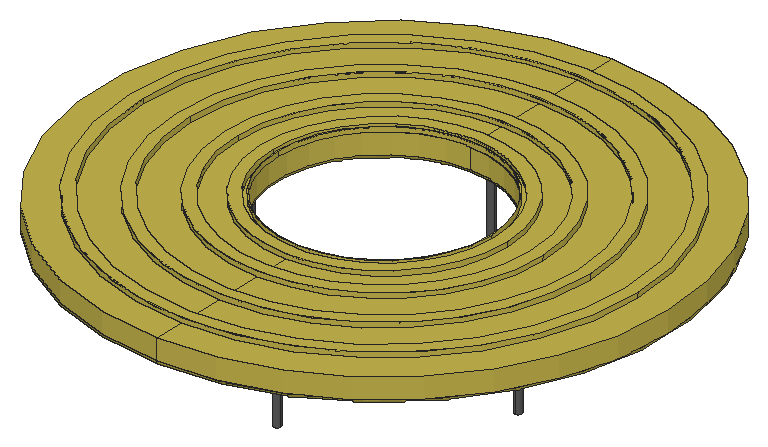
Revit family "Haworth_BuzziDonut", category Furniture, host Face, Revit 2018 (continued)
Definition of nested family "Haworth_BuzziDonut_Screen_Medium_PART"
  Automatic sketch dimensions
    Extrusion 7 sketch curve to Extrusion 7 sketch curve = 0.99005"
    plane 10 "Cable Back" to Extrusion 7 sketch curve = 0.27749"
    Extrusion 7 sketch curve to Extrusion 7 sketch curve = 0.60019"
    Extrusion 7 sketch curve to Extrusion 7 sketch curve = 0.89161"
    plane 8 "Inside Back" to Extrusion 7 sketch curve = 0.18659"
    Extrusion 7 sketch curve to Extrusion 7 sketch curve = 0.93819"
    Extrusion 7 sketch curve to plane 9 "Inside Front" = 3.61182"
    Extrusion 7 sketch curve to plane 8 "Inside Back" = 2.39048"
    Extrusion 7 sketch curve to Extrusion 7 sketch curve = 0.35032"
    Extrusion 7 sketch curve to plane 5 "Back" = 2.38708"
    plane 10 "Cable Back" to Extrusion 7 sketch curve = 1.08616"
    Extrusion 7 sketch curve to Extrusion 7 sketch curve = 0.59643"
    Extrusion 7 sketch curve to Extrusion 7 sketch curve = 2.36905"
    Extrusion 7 sketch curve to Extrusion 7 sketch curve = 0.2811"
    Extrusion 7 sketch curve to plane 4 "Front" = 2.21326"
    Extrusion 7 sketch curve to Extrusion 7 sketch curve = 1.22334"
    plane 10 "Cable Back" to Extrusion 7 sketch curve = 0.18827"
    Extrusion 7 sketch curve to Extrusion 7 sketch curve = 0.40322"
    Extrusion 7 sketch curve to plane 8 "Inside Back" = 1.69158"
    Extrusion 7 sketch curve to Extrusion 7 sketch curve = 0.74996"
    Extrusion 7 sketch curve to Extrusion 7 sketch curve = 0.43991"
    Extrusion 7 sketch curve to plane 5 "Back" = 2.03631"
    Extrusion 7 sketch curve to Extrusion 7 sketch curve = 0.9223"
    plane 9 "Inside Front" to Extrusion 7 sketch curve = 2.41528"
    Extrusion 7 sketch curve to Extrusion 7 sketch curve = 0.95751"
    Extrusion 7 sketch curve to plane 4 "Front" = 2.67252"
    Extrusion 7 sketch curve to Extrusion 7 sketch curve = 0.54966"
    Extrusion 7 sketch curve to Extrusion 7 sketch curve = 0.43971"
    plane 10 "Cable Back" to Extrusion 7 sketch curve = 1.93362"
    Extrusion 7 sketch curve to Extrusion 7 sketch curve = 1.91858"
    plane 10 "Cable Back" to Extrusion 7 sketch curve = 1.1726"
    Extrusion 7 sketch curve to Extrusion 7 sketch curve = 0.71307"
    Extrusion 7 sketch curve to Extrusion 7 sketch curve = 0.28604"
    plane 9 "Inside Front" to Extrusion 7 sketch curve = 1.01748"
    Extrusion 7 sketch curve to Extrusion 7 sketch curve = 2.34744"
    Extrusion 7 sketch curve to plane 8 "Inside Back" = 0.56298"
    Extrusion 7 sketch curve to Extrusion 7 sketch curve = 2.70638"
    Extrusion 7 sketch curve to plane 4 "Front" = 1.52311"
    Extrusion 7 sketch curve to Extrusion 7 sketch curve = 2.53339"
    Extrusion 7 sketch curve to plane 4 "Front" = 1.23965"
    Extrusion 7 sketch curve to plane 9 "Inside Front" = 0.53368"
    Extrusion 7 sketch curve to Extrusion 7 sketch curve = 0.68121"
    Extrusion 7 sketch curve to Extrusion 7 sketch curve = 0.19689"
    plane 9 "Inside Front" to Extrusion 7 sketch curve = 0.50848"
    Extrusion 7 sketch curve to Extrusion 7 sketch curve = 0.85481"
    Extrusion 7 sketch curve to plane 8 "Inside Back" = 0.30596"
    Extrusion 7 sketch curve to Extrusion 7 sketch curve = 1.35456"
    Extrusion 7 sketch curve to Extrusion 7 sketch curve = 0.94454"
    Extrusion 7 sketch curve to Extrusion 7 sketch curve = 0.16216"
    Extrusion 7 sketch curve to plane 9 "Inside Front" = 0.16884"
    Extrusion 7 sketch curve to plane 5 "Back" = 1.03752"
    plane 10 "Cable Back" to Extrusion 7 sketch curve = 0.56131"
    Extrusion 7 sketch curve to plane 3 "Center (Left/Right)" = 1.40553"
    Extrusion 7 sketch curve to Extrusion 7 sketch curve = 0.38731"
    Extrusion 7 sketch curve to plane 3 "Center (Left/Right)" = 0.98041"
    Extrusion 7 sketch curve to plane 3 "Center (Left/Right)" = 0.5075"
    Extrusion 7 sketch curve to plane 3 "Center (Left/Right)" = 0.3492"
    Extrusion 7 sketch curve to plane 3 "Center (Left/Right)" = 0.29747"
    Extrusion 7 sketch curve to plane 3 "Center (Left/Right)" = 0.15247"
    Extrusion 7 sketch curve to plane 3 "Center (Left/Right)" = 0.10366"
    Extrusion 7 sketch curve to plane 3 "Center (Left/Right)" = 0.04603"
    plane 3 "Center (Left/Right)" to Extrusion 7 sketch curve = 0.22006"
    plane 3 "Center (Left/Right)" to Extrusion 7 sketch curve = 0.45398"
    Extrusion 7 sketch curve to plane 9 "Inside Front" = 0.10747"
    plane 3 "Center (Left/Right)" to Extrusion 7 sketch curve = 1.36439"
    plane 3 "Center (Left/Right)" to Extrusion 7 sketch curve = 2.22362"
    Extrusion 7 sketch curve to plane 5 "Back" = 1.13437"
    Extrusion 7 sketch curve to Extrusion 7 sketch curve = 2.1454"
    Extrusion 7 sketch curve to Extrusion 7 sketch curve = 0.27982"
    Extrusion 7 sketch curve to Extrusion 7 sketch curve = 0.54219"
    Extrusion 7 sketch curve to plane 9 "Inside Front" = 0.52206"
    Extrusion 7 sketch curve to plane 4 "Front" = 1.24613"
    plane 3 "Center (Left/Right)" to Extrusion 7 sketch curve = 3.11869"
    Extrusion 7 sketch curve to Extrusion 7 sketch curve = 0.95714"
    Extrusion 7 sketch curve to plane 5 "Back" = 1.36237"
    Extrusion 7 sketch curve to Extrusion 7 sketch curve = 0.83431"
    Extrusion 7 sketch curve to plane 10 "Cable Back" = 0.17369"
    plane 3 "Center (Left/Right)" to Extrusion 7 sketch curve = 3.92983"
    plane 10 "Cable Back" to Extrusion 7 sketch curve = 0.81097"
    Extrusion 7 sketch curve to Extrusion 7 sketch curve = 0.05922"
    Extrusion 7 sketch curve to plane 4 "Front" = 1.43575"
    Extrusion 7 sketch curve to Extrusion 7 sketch curve = 0.96582"
    Extrusion 7 sketch curve to plane 8 "Inside Back" = 1.42664"
    Extrusion 7 sketch curve to Extrusion 7 sketch curve = 0.88838"
    plane 10 "Cable Back" to Extrusion 7 sketch curve = 0.28343"
    Extrusion 7 sketch curve to Extrusion 7 sketch curve = 0.86714"
    plane 9 "Inside Front" to Extrusion 7 sketch curve = 2.42456"
    Extrusion 7 sketch curve to Extrusion 7 sketch curve = 2.41791"
    Extrusion 7 sketch curve to Extrusion 7 sketch curve = 0.30593"
    plane 9 "Inside Front" to Extrusion 7 sketch curve = 1.4583"
    Extrusion 7 sketch curve to Extrusion 7 sketch curve = 0.39853"
    plane 8 "Inside Back" to Extrusion 7 sketch curve = 0.32809"
    Extrusion 7 sketch curve to Extrusion 7 sketch curve = 0.79613"
    Extrusion 7 sketch curve to plane 8 "Inside Back" = 2.02056"
    plane 9 "Inside Front" to Extrusion 7 sketch curve = 2.6602"
    Extrusion 7 sketch curve to Extrusion 7 sketch curve = 0.66156"
    plane 9 "Inside Front" to Extrusion 7 sketch curve = 0.66814"
    Extrusion 7 sketch curve to Extrusion 7 sketch curve = 0.67805"
    plane 9 "Inside Front" to Extrusion 7 sketch curve = 1.60018"
    Extrusion 7 sketch curve to Extrusion 7 sketch curve = 0.32811"
    Extrusion 7 sketch curve to plane 8 "Inside Back" = 0.20373"
    Extrusion 7 sketch curve to Extrusion 7 sketch curve = 0.83953"
    plane 8 "Inside Back" to Extrusion 7 sketch curve = 0.84614"
    Extrusion 7 sketch curve to Extrusion 7 sketch curve = 0.86765"
    Extrusion 7 sketch curve to plane 9 "Inside Front" = 3.44449"
    Extrusion 7 sketch curve to Extrusion 7 sketch curve = 1.01215"
    Extrusion 7 sketch curve to Extrusion 7 sketch curve = 2.20238"
    Extrusion 7 sketch curve to plane 9 "Inside Front" = 4.25572"
    plane 10 "Cable Back" to Extrusion 7 sketch curve = 3.19338"
    Extrusion 7 sketch curve to Extrusion 7 sketch curve = 0.75407"
    Extrusion 7 sketch curve to Extrusion 7 sketch curve = 0.81404"
    plane 9 "Inside Front" to Extrusion 7 sketch curve = 0.06962"
    Extrusion 7 sketch curve to Extrusion 7 sketch curve = 2.34242"
    plane 10 "Cable Back" to Extrusion 7 sketch curve = 3.75098"
    Extrusion 7 sketch curve to Extrusion 7 sketch curve = 0.82137"
    plane 9 "Inside Front" to Extrusion 7 sketch curve = 0.99696"
    Extrusion 7 sketch curve to Extrusion 7 sketch curve = 0.34646"
    Extrusion 7 sketch curve to plane 1 "Center (Front/Back)" = 1.59228"
    Extrusion 7 sketch curve to Extrusion 7 sketch curve = 3.08447"
    Extrusion 7 sketch curve to plane 4 "Front" = 3.14535"
    Extrusion 7 sketch curve to plane 4 "Front" = 3.38854"
    Extrusion 7 sketch curve to Extrusion 7 sketch curve = 0.02171"
    Extrusion 7 sketch curve to plane 9 "Inside Front" = 3.45521"
    Extrusion 7 sketch curve to Extrusion 7 sketch curve = 0.43446"
    Extrusion 7 sketch curve to plane 1 "Center (Front/Back)" = 0.61482"
    Extrusion 7 sketch curve to plane 5 "Back" = 3.42788"
    Extrusion 7 sketch curve to plane 4 "Front" = 4.25362"
    Extrusion 7 sketch curve to Extrusion 7 sketch curve = 0.55151"
    Extrusion 7 sketch curve to Extrusion 7 sketch curve = 0.98425"
    plane 9 "Inside Front" to Extrusion 7 sketch curve = 0.81791"
    Extrusion 7 sketch curve to Extrusion 7 sketch curve = 0.58886"
    Extrusion 7 sketch curve to plane 5 "Back" = 4.0354"
    Extrusion 7 sketch curve to Extrusion 7 sketch curve = 0.99504"
    Extrusion 7 sketch curve to plane 1 "Center (Front/Back)" = 0.83495"
    Extrusion 7 sketch curve to Extrusion 7 sketch curve = 2.67236"
    Extrusion 7 sketch curve to plane 1 "Center (Front/Back)" = 1.83061"
    Extrusion 7 sketch curve to Extrusion 7 sketch curve = 0.09799"
    Extrusion 7 sketch curve to plane 8 "Inside Back" = 1.34116"
    Extrusion 7 sketch curve to Extrusion 7 sketch curve = 5.45456"
    Extrusion 7 sketch curve to Extrusion 7 sketch curve = 2.65806"
    Extrusion 7 sketch curve to plane 8 "Inside Back" = 2.4937"
    Extrusion 7 sketch curve to Extrusion 7 sketch curve = 0.22661"
    Extrusion 7 sketch curve to plane 1 "Center (Front/Back)" = 1.22844"
    Extrusion 7 sketch curve to Extrusion 7 sketch curve = 0.90247"
    Extrusion 7 sketch curve to plane 10 "Cable Back" = 0.63059"
    Extrusion 7 sketch curve to Extrusion 7 sketch curve = 0.62645"
    plane 1 "Center (Front/Back)" to Extrusion 7 sketch curve = 1.64712"
    Extrusion 7 sketch curve to Extrusion 7 sketch curve = 1.15257"
    Extrusion 7 sketch curve to Extrusion 7 sketch curve = 0.3578"
    Extrusion 7 sketch curve to Extrusion 7 sketch curve = 1.00322"
    plane 1 "Center (Front/Back)" to Extrusion 7 sketch curve = 2.4064"
    Extrusion 7 sketch curve to Extrusion 7 sketch curve = 0.63068"
    Extrusion 7 sketch curve to Extrusion 7 sketch curve = 0.56828"
    Extrusion 7 sketch curve to plane 10 "Cable Back" = 0.17406"
    Extrusion 7 sketch curve to Extrusion 7 sketch curve = 1.09476"
    plane 1 "Center (Front/Back)" to Extrusion 7 sketch curve = 1.44079"
    Extrusion 7 sketch curve to Extrusion 7 sketch curve = 0.98938"
    plane 10 "Cable Back" to Extrusion 7 sketch curve = 1.53056"
    Extrusion 7 sketch curve to plane 10 "Cable Back" = 1.04199"
    Extrusion 7 sketch curve to Extrusion 7 sketch curve = 0.47593"
    Extrusion 7 sketch curve to Extrusion 7 sketch curve = 2.26832"
    Extrusion 7 sketch curve to plane 10 "Cable Back" = 0.18077"
    Extrusion 7 sketch curve to Extrusion 7 sketch curve = 0.98757"
    plane 10 "Cable Back" to Extrusion 7 sketch curve = 0.48012"
    Extrusion 7 sketch curve to Extrusion 7 sketch curve = 0.05899"
    Extrusion 7 sketch curve to Extrusion 7 sketch curve = 1.28724"
    Extrusion 7 sketch curve to Extrusion 7 sketch curve = 0.83626"
    Extrusion 7 sketch curve to plane 10 "Cable Back" = 0.45387"
    Extrusion 7 sketch curve to Extrusion 7 sketch curve = 0.16599"
    Extrusion 7 sketch curve to Extrusion 7 sketch curve = 0.82594"
    plane 8 "Inside Back" to Extrusion 7 sketch curve = 0.43628"
    Extrusion 7 sketch curve to Extrusion 7 sketch curve = 0.85877"
    Extrusion 7 sketch curve to plane 9 "Inside Front" = 0.94288"
    Extrusion 7 sketch curve to plane 6 "Left" = 3.35073"
    plane 9 "Inside Front" to Extrusion 7 sketch curve = 0.04391"
    Extrusion 7 sketch curve to Extrusion 7 sketch curve = 0.03763"
    plane 9 "Inside Front" to Extrusion 7 sketch curve = 0.11647"
    Extrusion 7 sketch curve to Extrusion 7 sketch curve = 0.03368"
    Extrusion 7 sketch curve to plane 6 "Left" = 2.28297"
    Extrusion 7 sketch curve to plane 6 "Left" = 1.94637"
    Extrusion 7 sketch curve to Extrusion 7 sketch curve = 0.28827"
    Extrusion 7 sketch curve to Extrusion 7 sketch curve = 0.66365"
    Extrusion 7 sketch curve to plane 6 "Left" = 1.01981"
    Extrusion 7 sketch curve to plane 1 "Center (Front/Back)" = 0.04813"
    Extrusion 7 sketch curve to plane 6 "Left" = 0.98424"
    Extrusion 7 sketch curve to Extrusion 7 sketch curve = 0.71257"
    Extrusion 7 sketch curve to Extrusion 7 sketch curve = 0.99149"
    Extrusion 7 sketch curve to Extrusion 7 sketch curve = 0.82999"
    Extrusion 7 sketch curve to Extrusion 7 sketch curve = 0.88132"
    Extrusion 7 sketch curve to Extrusion 7 sketch curve = 2.53462"
    Extrusion 7 sketch curve to Extrusion 7 sketch curve = 0.14868"
    Extrusion 7 sketch curve to Extrusion 7 sketch curve = 0.23442"
    Extrusion 7 sketch curve to Extrusion 7 sketch curve = 0.44738"
    Extrusion 7 sketch curve to Extrusion 7 sketch curve = 0.1342"
    Extrusion 7 sketch curve to Extrusion 7 sketch curve = 0.73396"
    Extrusion 7 sketch curve to Extrusion 7 sketch curve = 0.542"
    Extrusion 7 sketch curve to Extrusion 7 sketch curve = 0.26254"
    Extrusion 7 sketch curve to Extrusion 7 sketch curve = 0.7389"
    Extrusion 7 sketch curve to plane 9 "Inside Front" = 0.10282"
    Extrusion 7 sketch curve to Extrusion 7 sketch curve = 0.89289"
    Extrusion 7 sketch curve to Extrusion 7 sketch curve = 0.05541"
    Extrusion 7 sketch curve to Extrusion 7 sketch curve = 2.35343"
    Extrusion 7 sketch curve to Extrusion 7 sketch curve = 0.73132"
    Extrusion 7 sketch curve to Extrusion 7 sketch curve = 2.65857"
    Extrusion 7 sketch curve to Extrusion 7 sketch curve = 0.36322"
    Extrusion 7 sketch curve to Extrusion 7 sketch curve = 0.94258"
    Extrusion 7 sketch curve to Extrusion 7 sketch curve = 0.65793"
    Extrusion 7 sketch curve to Extrusion 7 sketch curve = 0.97757"
    Extrusion 7 sketch curve to Extrusion 7 sketch curve = 0.63457"
    Extrusion 7 sketch curve to Extrusion 7 sketch curve = 1.75855"
    Extrusion 7 sketch curve to Extrusion 7 sketch curve = 0.78432"
    Extrusion 7 sketch curve to Extrusion 7 sketch curve = 0.17521"
    Extrusion 7 sketch curve to Extrusion 7 sketch curve = 1.09311"
    Extrusion 7 sketch curve to Extrusion 7 sketch curve = 0.42688"
    Extrusion 7 sketch curve to Extrusion 7 sketch curve = 0.99718"
    Extrusion 7 sketch curve to Extrusion 7 sketch curve = 0.64162"
    plane 8 "Inside Back" to Extrusion 7 sketch curve = 0.70222"
    plane 8 "Inside Back" to Extrusion 7 sketch curve = 0.84287"
    plane 10 "Cable Back" to Extrusion 7 sketch curve = 0.37122"
    Extrusion 7 sketch curve to Extrusion 7 sketch curve = 0.95359"
    Extrusion 7 sketch curve to Extrusion 7 sketch curve = 0.16223"
    Extrusion 7 sketch curve to Extrusion 7 sketch curve = 0.94627"
    Extrusion 7 sketch curve to Extrusion 7 sketch curve = 0.63883"
    Extrusion 7 sketch curve to Extrusion 7 sketch curve = 0.64117"
    Extrusion 7 sketch curve to Extrusion 7 sketch curve = 1.83258"
    Extrusion 7 sketch curve to Extrusion 7 sketch curve = 0.25713"
    Extrusion 7 sketch curve to Extrusion 7 sketch curve = 0.85572"
    Extrusion 7 sketch curve to Extrusion 7 sketch curve = 0.95988"
    plane 1 "Center (Front/Back)" to Extrusion 7 sketch curve = 1.21223"
    Extrusion 7 sketch curve to Extrusion 7 sketch curve = 1.03782"
    Extrusion 7 sketch curve to plane 9 "Inside Front" = 0.30641"
    Extrusion 7 sketch curve to Extrusion 7 sketch curve = 0.32904"
    Extrusion 7 sketch curve to Extrusion 7 sketch curve = 0.24106"
    Extrusion 7 sketch curve to Extrusion 7 sketch curve = 0.04105"
    Extrusion 8 sketch curve to Extrusion 8 sketch curve = 0.000"  (x9)
    Extrusion 8 sketch curve to plane 6 "Left" = 19.70289"
    Extrusion 8 sketch curve to Extrusion 8 sketch curve = 0.01789"
    Extrusion 8 sketch curve to plane 4 "Front" = 19.68632"
    Extrusion 9 sketch curve to Extrusion 9 sketch curve = 0.000"  (x38)
    Extrusion 9 sketch curve to plane 8 "Inside Back" = 1.05274"
    Extrusion 9 sketch curve to plane 7 "Right" = 1.62197"
    Extrusion 9 sketch curve to Extrusion 9 sketch curve = 0.19917"
    plane 9 "Inside Front" to Extrusion 9 sketch curve = 1.89205"
    Extrusion 9 sketch curve to Extrusion 9 sketch curve = 1.37439"
    Extrusion 9 sketch curve to Extrusion 9 sketch curve = 0.20294"
    Extrusion 9 sketch curve to Extrusion 9 sketch curve = 1.35686"
    Extrusion 9 sketch curve to Extrusion 9 sketch curve = 0.21065"
    Extrusion 9 sketch curve to Extrusion 9 sketch curve = 1.40881"
    Extrusion 9 sketch curve to Extrusion 9 sketch curve = 0.23428"
    Extrusion 9 sketch curve to Extrusion 9 sketch curve = 1.2733"
    Extrusion 9 sketch curve to Extrusion 9 sketch curve = 0.30264"
    Extrusion 9 sketch curve to Extrusion 9 sketch curve = 1.24615"  (x24)
    Extrusion 9 sketch curve to Extrusion 9 sketch curve = 0.32793"  (x30)
    plane 1 "Center (Front/Back)" to Extrusion 9 sketch curve = 1.70462"
    Extrusion 9 sketch curve to plane 3 "Center (Left/Right)" = 8.67976"
    Extrusion 9 sketch curve to plane 1 "Center (Front/Back)" = 1.78281"
    Extrusion 9 sketch curve to plane 4 "Front" = 0.79154"
    Extrusion 9 sketch curve to plane 5 "Back" = 0.41001"
    Extrusion 9 sketch curve to plane 4 "Front" = 0.14405"
    Extrusion 9 sketch curve to plane 8 "Inside Back" = 0.35215"
    Extrusion 9 sketch curve to plane 5 "Back" = 0.11685"
    Extrusion 9 sketch curve to plane 5 "Back" = 0.04264"
    Extrusion 9 sketch curve to Extrusion 9 sketch curve = 0.91822"
    Extrusion 9 sketch curve to plane 4 "Front" = 0.01637"
    Extrusion 9 sketch curve to plane 3 "Center (Left/Right)" = 0.80933"
    Extrusion 9 sketch curve to plane 5 "Back" = 0.02659"
    Extrusion 9 sketch curve to plane 3 "Center (Left/Right)" = 0.51997"
    Extrusion 9 sketch curve to plane 9 "Inside Front" = 0.01032"
    plane 1 "Center (Front/Back)" to Extrusion 9 sketch curve = 0.00798"
    Extrusion 9 sketch curve to plane 3 "Center (Left/Right)" = 0.04567"
    Extrusion 9 sketch curve to plane 3 "Center (Left/Right)" = 0.02655"
    Extrusion 9 sketch curve to Extrusion 9 sketch curve = 0.00474"  (x2)
    plane 1 "Center (Front/Back)" to Extrusion 9 sketch curve = 0.00049"
    Extrusion 9 sketch curve to Extrusion 9 sketch curve = 0.00203"
    Extrusion 9 sketch curve to Extrusion 9 sketch curve = 0.00285"
    Extrusion 9 sketch curve to Extrusion 9 sketch curve = 0.00114"
    Extrusion 9 sketch curve to Extrusion 9 sketch curve = 0.00219"
    Extrusion 9 sketch curve to Extrusion 9 sketch curve = 0.00123"
    Extrusion 9 sketch curve to Extrusion 9 sketch curve = 0.00117"
    Extrusion 9 sketch curve to Extrusion 9 sketch curve = 0.00099"
    Extrusion 9 sketch curve to Extrusion 9 sketch curve = 0.00071"
    Extrusion 9 sketch curve to Extrusion 9 sketch curve = 0.00064"
    Extrusion 9 sketch curve to Extrusion 9 sketch curve = 0.00089"
    Extrusion 9 sketch curve to Extrusion 9 sketch curve = 0.0008"
    Extrusion 9 sketch curve to Extrusion 9 sketch curve = 0.00081"
    Extrusion 9 sketch curve to Extrusion 9 sketch curve = 0.0006"  (x2)
    Extrusion 9 sketch curve to Extrusion 9 sketch curve = 0.00008"  (x4)
    Extrusion 9 sketch curve to Extrusion 9 sketch curve = 0.00046"
    Extrusion 9 sketch curve to Extrusion 9 sketch curve = 0.00051"
    Extrusion 9 sketch curve to Extrusion 9 sketch curve = 0.00045"
    Extrusion 9 sketch curve to Extrusion 9 sketch curve = 0.00042"  (x2)
    Extrusion 9 sketch curve to Extrusion 9 sketch curve = 0.0022"
    Extrusion 9 sketch curve to Extrusion 9 sketch curve = 0.00034"
    Extrusion 9 sketch curve to Extrusion 9 sketch curve = 0.00029"
    Extrusion 9 sketch curve to Extrusion 9 sketch curve = 0.00017"
    Extrusion 9 sketch curve to Extrusion 9 sketch curve = 0.00004"  (x3)
    Extrusion 9 sketch curve to Extrusion 9 sketch curve = 0.00002"  (x3)
    Extrusion 9 sketch curve to Extrusion 9 sketch curve = 0.00001"  (x2)
    Extrusion 9 sketch curve to Extrusion 9 sketch curve = 0.00026"
    Extrusion 9 sketch curve to Extrusion 9 sketch curve = 0.00005"  (x2)
    Extrusion 9 sketch curve to Extrusion 9 sketch curve = 0.00007"
    Extrusion 9 sketch curve to Extrusion 9 sketch curve = 0.0002"
    Extrusion 9 sketch curve to Extrusion 9 sketch curve = 0.00014"
    Extrusion 9 sketch curve to Extrusion 9 sketch curve = 0.00019"
    Extrusion 9 sketch curve to Extrusion 9 sketch curve = 0.00027"
    Extrusion 9 sketch curve to Extrusion 9 sketch curve = 0.00083"
    Extrusion 9 sketch curve to Extrusion 9 sketch curve = 0.00188"
    Extrusion 9 sketch curve to plane 3 "Center (Left/Right)" = 0.00062"
    plane 3 "Center (Left/Right)" to Extrusion 9 sketch curve = 0.00022"
    plane 3 "Center (Left/Right)" to Extrusion 9 sketch curve = 0.02251"
    plane 3 "Center (Left/Right)" to Extrusion 9 sketch curve = 0.02345"
    Extrusion 9 sketch curve to Extrusion 9 sketch curve = 0.01612"
    plane 3 "Center (Left/Right)" to Extrusion 9 sketch curve = 0.47943"
    Extrusion 9 sketch curve to plane 4 "Front" = 0.01514"
    plane 3 "Center (Left/Right)" to Extrusion 9 sketch curve = 0.76475"  (x2)
    Extrusion 9 sketch curve to plane 5 "Back" = 0.02572"
    Extrusion 9 sketch curve to plane 4 "Front" = 0.03075"
    Extrusion 9 sketch curve to plane 8 "Inside Back" = 0.09261"
    Extrusion 9 sketch curve to plane 4 "Front" = 0.14032"
    Extrusion 9 sketch curve to plane 5 "Back" = 0.15119"
    Extrusion 9 sketch curve to plane 5 "Back" = 0.19341"
    Extrusion 9 sketch curve to plane 4 "Front" = 0.39439"
    Extrusion 9 sketch curve to plane 4 "Front" = 0.78253"
    plane 1 "Center (Front/Back)" to Extrusion 9 sketch curve = 1.96438"
    Extrusion 9 sketch curve to plane 10 "Cable Back" = 0.41126"
    Extrusion 9 sketch curve to plane 8 "Inside Back" = 1.11183"
    Extrusion 9 sketch curve to plane 6 "Left" = 1.60531"
    Extrusion 9 sketch curve to Extrusion 9 sketch curve = 0.01065"
    Extrusion 9 sketch curve to Extrusion 9 sketch curve = 0.03711"
    Extrusion 9 sketch curve to Extrusion 9 sketch curve = 0.04217"
    Extrusion 9 sketch curve to Extrusion 9 sketch curve = 0.19232"
    Extrusion 9 sketch curve to Extrusion 9 sketch curve = 0.06432"
    Extrusion 9 sketch curve to Extrusion 9 sketch curve = 0.06958"
    Extrusion 9 sketch curve to Extrusion 9 sketch curve = 0.09286"
    Extrusion 9 sketch curve to Extrusion 9 sketch curve = 0.09846"
    Extrusion 9 sketch curve to Extrusion 9 sketch curve = 0.41012"
    Extrusion 9 sketch curve to Extrusion 9 sketch curve = 0.43227"
    Extrusion 9 sketch curve to Extrusion 9 sketch curve = 0.1235"
    Extrusion 9 sketch curve to Extrusion 9 sketch curve = 0.12961"
    Extrusion 9 sketch curve to Extrusion 9 sketch curve = 0.53201"
    Extrusion 9 sketch curve to Extrusion 9 sketch curve = 0.55653"
    Extrusion 9 sketch curve to Extrusion 9 sketch curve = 0.15726"
    Extrusion 9 sketch curve to Extrusion 9 sketch curve = 0.16412"
    Extrusion 9 sketch curve to Extrusion 9 sketch curve = 0.66826"
    Extrusion 9 sketch curve to Extrusion 9 sketch curve = 0.69644"
    Extrusion 9 sketch curve to Extrusion 9 sketch curve = 0.19554"
    Extrusion 9 sketch curve to Extrusion 9 sketch curve = 0.20365"  (x2)
    Extrusion 9 sketch curve to Extrusion 9 sketch curve = 0.82554"
    Extrusion 9 sketch curve to Extrusion 9 sketch curve = 0.8599"
    Extrusion 9 sketch curve to Extrusion 9 sketch curve = 0.22187"
    Extrusion 9 sketch curve to Extrusion 9 sketch curve = 0.25084"
    Extrusion 9 sketch curve to Extrusion 9 sketch curve = 0.2259"
    Extrusion 9 sketch curve to Extrusion 9 sketch curve = 1.06045"
    Extrusion 9 sketch curve to Extrusion 9 sketch curve = 0.31052"
    Extrusion 9 sketch curve to Extrusion 9 sketch curve = 1.44356"
    Extrusion 9 sketch curve to Extrusion 9 sketch curve = 0.2191"
    Extrusion 9 sketch curve to Extrusion 9 sketch curve = 1.32438"
    Extrusion 9 sketch curve to Extrusion 9 sketch curve = 0.39271"
    Extrusion 9 sketch curve to Extrusion 9 sketch curve = 0.29571"
    Extrusion 9 sketch curve to Extrusion 9 sketch curve = 1.71305"
    Extrusion 9 sketch curve to Extrusion 9 sketch curve = 0.5238"
    Extrusion 9 sketch curve to plane 9 "Inside Front" = 0.02761"
    Extrusion 9 sketch curve to Extrusion 9 sketch curve = 0.02062"
    Extrusion 9 sketch curve to plane 9 "Inside Front" = 0.07474"
    Extrusion 9 sketch curve to Extrusion 9 sketch curve = 0.22312"
    Extrusion 9 sketch curve to Extrusion 9 sketch curve = 0.24707"
    Extrusion 9 sketch curve to plane 9 "Inside Front" = 0.33428"
    Extrusion 9 sketch curve to Extrusion 9 sketch curve = 0.09677"
    Extrusion 9 sketch curve to Extrusion 9 sketch curve = 0.4123"
    Extrusion 9 sketch curve to Extrusion 9 sketch curve = 0.15577"
    Extrusion 9 sketch curve to Extrusion 9 sketch curve = 0.17038"  (x2)
    Extrusion 9 sketch curve to Extrusion 9 sketch curve = 0.8148"  (x2)
    Extrusion 9 sketch curve to Extrusion 9 sketch curve = 0.25055"  (x2)
    Extrusion 9 sketch curve to Extrusion 9 sketch curve = 0.27251"  (x2)
    Extrusion 9 sketch curve to Extrusion 9 sketch curve = 0.41593"  (x2)
    Extrusion 9 sketch curve to Extrusion 9 sketch curve = 0.44565"
    Extrusion 9 sketch curve to Extrusion 9 sketch curve = 0.01906"
    Extrusion 9 sketch curve to Extrusion 9 sketch curve = 0.00974"
    Extrusion 9 sketch curve to Extrusion 9 sketch curve = 0.00179"
    Extrusion 9 sketch curve to Extrusion 9 sketch curve = 0.00145"
    Extrusion 9 sketch curve to Extrusion 9 sketch curve = 0.00109"
    Extrusion 9 sketch curve to Extrusion 9 sketch curve = 0.00078"
    Extrusion 9 sketch curve to Extrusion 9 sketch curve = 0.00052"
    Extrusion 9 sketch curve to Extrusion 9 sketch curve = 0.0004"
    Extrusion 9 sketch curve to Extrusion 9 sketch curve = 0.00025"
    Extrusion 9 sketch curve to Extrusion 9 sketch curve = 0.00157"
    Extrusion 9 sketch curve to Extrusion 9 sketch curve = 0.00006"  (x2)
    Extrusion 9 sketch curve to Extrusion 9 sketch curve = 0.00011"
    Extrusion 9 sketch curve to Extrusion 9 sketch curve = 0.00012"
    Extrusion 9 sketch curve to Extrusion 9 sketch curve = 0.00033"
    Extrusion 9 sketch curve to Extrusion 9 sketch curve = 0.00013"  (x2)
    Extrusion 9 sketch curve to Extrusion 9 sketch curve = 0.00003"
    Extrusion 9 sketch curve to plane 1 "Center (Front/Back)" = 1.9435"
    Extrusion 9 sketch curve to Extrusion 9 sketch curve = 1.11699"
    Extrusion 9 sketch curve to Extrusion 9 sketch curve = 0.44865"
    Extrusion 9 sketch curve to Extrusion 9 sketch curve = 0.49204"
    Extrusion 9 sketch curve to plane 8 "Inside Back" = 0.26711"
    Extrusion 9 sketch curve to plane 8 "Inside Back" = 0.06201"
    Extrusion 9 sketch curve to plane 10 "Cable Back" = 0.04112"
    Extrusion 9 sketch curve to Extrusion 9 sketch curve = 0.39265"
    Extrusion 9 sketch curve to Extrusion 9 sketch curve = 0.24044"
    Extrusion 9 sketch curve to Extrusion 9 sketch curve = 0.31048"
    Extrusion 9 sketch curve to Extrusion 9 sketch curve = 0.21112"
    Extrusion 9 sketch curve to Extrusion 9 sketch curve = 0.25083"
    Extrusion 9 sketch curve to Extrusion 9 sketch curve = 0.22181"
    Extrusion 9 sketch curve to Extrusion 9 sketch curve = 0.1954"
    Extrusion 9 sketch curve to Extrusion 9 sketch curve = 0.16413"
    Extrusion 9 sketch curve to Extrusion 9 sketch curve = 0.15706"
    Extrusion 9 sketch curve to Extrusion 9 sketch curve = 0.12963"
    Extrusion 9 sketch curve to Extrusion 9 sketch curve = 0.12333"
    Extrusion 9 sketch curve to Extrusion 9 sketch curve = 0.09849"
    Extrusion 9 sketch curve to Extrusion 9 sketch curve = 0.0642"
    plane 14 "Cable Control" to Masking region 2 sketch curve = 0.150"  (x2)
    plane 14 "Cable Control" to Masking region 3 sketch curve = 0.150"  (x2)
    radius of Extrusion 1 sketch curve = 0.300"
    radius of Extrusion 4 sketch curve = 0.300"
    radius of Extrusion 5 sketch curve = 0.300"
    radius of Extrusion 6 sketch curve = 0.300"
    radius of Extrusion 7 sketch curve = 19.68504"
    radius of Extrusion 8 sketch curve = 17.12598"
    radius of Extrusion 8 sketch curve = 16.14173"
    radius of Extrusion 8 sketch curve = 13.18898"
    radius of Extrusion 8 sketch curve = 12.20472"
    radius of Extrusion 8 sketch curve = 10.23622"
    radius of Extrusion 8 sketch curve = 8.85827"
Definition of nested family "Haworth_BuzziDonut_Screen_Small_PART"
  Parameters (values of type "Small Screen")
    Warranty = "https://www.haworth.com/resources/product-info/warranties"
    URL - Product = "https://www.haworth.com/products/architectural-interiors/acoustic-solutions/buzzidonut"
    URL = "https://www.haworth.com/our-brands/haworth-collection"
    Trim Finish = none
    Revision = "1"  # constant formula
    Outside Radius = Actual Width / 2  # 15.750"
    Outer Upholstery Finish = none
    Note = "Verify Final Dim. w/ Haworth"  # constant formula
    Model = "HCBZ-DNS"  # constant formula
    Manufacturer = "Haworth"  # constant formula
    Inside Radius = 17.720" / 2  # 8.860"
    Flat = yes
    Description = "Haworth - BuzziDonut - Screen - Part"  # constant formula
    Cable Length = 10.000"
    Author = "Haworth (Alias)"  # constant formula
    Assembly Code = "E2020200"
    Actual Width = 31.500"  # constant formula
    Actual Height = 2.360"  # constant formula
    Actual Depth = 31.500"  # constant formula
    3D Rib = yes
    3D Leaf = yes
    3D Drop = yes
  Reference planes (in)
    plane 1 "Center (Front/Back)": y = 0
    plane 2: z = 0
    plane 3 "Center (Left/Right)": x = 0
    plane 4 "Front": y = -15.75
    plane 5 "Back": y = 15.75
    plane 6 "Left": x = 15.75
    plane 7 "Right": x = -15.75
    plane 8 "Inside Back": y = 8.86
    plane 9 "Inside Front": y = -8.86
    plane 10 "Cable Back": y = 11.11
    plane 11 "Cable End": z = 10
    plane 12 "Screen End": z = 12.36
    plane 13: z = 11.96
    plane 14 "Cable Control": z = 10.1
  Forms (in)
    Extrusion 1, solid, material <- "Trim Finish"
      sketch origin (0, 0, 0) x (1, 0, 0) y (0, 1, 0)
        loop
          circle (0, 11.11) r 0.3
      from 0 to 10.1
    Revolve 2, solid, material <- "Outer Upholstery Finish"
      sketch origin (0, 0, 0) x (0, 1, 0) y (0, 0, 1)
        loop
          arc (8.86, 10.25) -> (8.93322, 10.07322) -> (9.11, 10) r 0.25
          line (9.11, 10) -> (15.5, 10)
          arc (15.5, 10) -> (15.67678, 10.07322) -> (15.75, 10.25) r 0.25
          line (15.75, 10.25) -> (15.75, 11.96) -> (8.86, 11.96) -> (8.86, 10.25)
        axis (0, 11.96) -> (0, 10)
      angle from 0 to 360
    Revolve 3, solid, material <- "Outer Upholstery Finish", visible <- "Flat"
      sketch origin (0, 0, 0) x (0, 1, 0) y (0, 0, 1)
        loop
          line (8.86, 11.96) -> (15.75, 11.96) -> (15.75, 12.06)
          arc (15.75, 12.06) -> (15.66213, 12.27213) -> (15.45, 12.36) r 0.3
          line (15.45, 12.36) -> (9.16, 12.36)
          arc (9.16, 12.36) -> (8.94787, 12.27213) -> (8.86, 12.06) r 0.3
          line (8.86, 12.06) -> (8.86, 11.96)
        axis (0, 12.36) -> (0, 11.96)
      angle from 0 to 360
    Extrusion 4, solid, material <- "Trim Finish"
      sketch origin (0, 0, 0) x (0, 1, 0) y (-1, 0, 0)
        loop
          circle (0, 11.11) r 0.3
      from 0 to 10.1
    Extrusion 5, solid, material <- "Trim Finish"
      sketch origin (0, 0, 0) x (-1, 0, 0) y (0, -1, 0)
        loop
          circle (0, 11.11) r 0.3
      from 0 to 10.1
    Extrusion 6, solid, material <- "Trim Finish"
      sketch origin (0, 0, 0) x (0, -1, 0) y (1, 0, 0)
        loop
          circle (0, 11.11) r 0.3
      from 0 to 10.1
    Extrusion 7, solid, material <- "Outer Upholstery Finish", visible <- "3D Leaf"
      sketch origin (0, 0, 0) x (1, 0, 0) y (0, 1, 0)
        loop
          circle (-0.00197, -0.00197) r 15.74803
        loop
          line (-0.10567, -13.69148) -> (-0.64357, -14.77077)
          arc (-0.64357, -14.77077) -> (0.86653, -14.75915) -> (2.36754, -14.59333) r 14.76378
          line (2.36754, -14.59333) -> (2.22161, -13.84016) -> (-0.10567, -13.69148)
        loop
          line (3.17875, -13.60575) -> (3.33323, -14.40307)
          arc (3.33323, -14.40307) -> (4.79881, -13.98237) -> (6.21319, -13.41276) r 14.76378
          line (6.21319, -13.41276) -> (5.22528, -12.28008) -> (3.17875, -13.60575)
        loop
          line (2.50144, -12.87178) -> (4.91935, -11.30554) -> (5.31787, -10.33927) -> (1.32788, -8.75985)
          arc (1.32788, -8.75985) -> (2.15574, -8.59343) -> (2.964, -8.34894) r 8.85827
          line (2.964, -8.34894) -> (5.99593, -9.54912) -> (8.33834, -8.95059) -> (8.33834, -6.31866) -> (6.99837, -5.43006)
          arc (6.99837, -5.43006) -> (7.28917, -5.0327) -> (7.55744, -4.61979) r 8.85827
          line (7.55744, -4.61979) -> (8.77281, -5.42577) -> (12.65987, -1.66809) -> (11.5073, 0.81398) -> (8.83623, 0.59395)
          arc (8.83623, 0.59395) -> (8.78943, 1.08445) -> (8.71542, 1.57158) r 8.85827
          line (8.71542, 1.57158) -> (11.60529, 1.80963) -> (14.17795, 4.08993)
          arc (14.17795, 4.08993) -> (14.09373, 4.37) -> (14.00399, 4.64836) r 14.76378
          line (14.00399, 4.64836) -> (12.13303, 6.34532) -> (6.45185, 8.63529) -> (5.62755, 6.81846)
          arc (5.62755, 6.81846) -> (5.23958, 7.13961) -> (4.8162, 7.41238) r 4.23096
          line (4.8162, 7.41238) -> (5.61232, 9.16711) -> (3.92782, 10.91533) -> (-0.35121, 11.46024) -> (-2.28828, 8.55617)
          arc (-2.28828, 8.55617) -> (-5.22692, 7.15126) -> (-7.45913, 4.77921) r 8.85827
          line (-7.45913, 4.77921) -> (-7.11459, 6.44854) -> (-8.05825, 8.32113) -> (-12.54838, 6.11315) -> (-13.58583, 3.51558) -> (-11.6307, 1.61889) -> (-9.40796, 1.80199) -> (-8.36714, 2.91228)
          arc (-8.36714, 2.91228) -> (-8.73609, 1.47587) -> (-8.86024, -0.00197) r 8.85827
          arc (-8.86024, -0.00197) -> (-8.41476, -2.77576) -> (-7.12312, -5.27057) r 8.85827
          line (-7.12312, -5.27057) -> (-7.72638, -5.21391) -> (-9.85911, -9.37411) -> (-9.3673, -10.5535) -> (-6.73038, -10.5535) -> (-3.0055, -8.3355)
          arc (-3.0055, -8.3355) -> (-2.35487, -8.54204) -> (-1.69026, -8.69786) r 8.85827
          line (-1.69026, -8.69786) -> (-2.85172, -9.38946) -> (-0.15448, -12.70211) -> (2.50144, -12.87178)
        loop
          line (-0.98242, -13.2441) -> (-3.70653, -9.89846) -> (-6.05397, -11.29626) -> (-5.65816, -13.65826)
          arc (-5.65816, -13.65826) -> (-3.71551, -14.31005) -> (-1.70133, -14.68659) r 14.76378
          line (-1.70133, -14.68659) -> (-0.98242, -13.2441)
        loop
          line (-6.74006, -13.15742) -> (-7.01148, -11.53775) -> (-9.23951, -11.53775)
          arc (-9.23951, -11.53775) -> (-8.03073, -12.41078) -> (-6.74006, -13.15742) r 14.76378
        loop
          line (-10.47794, -10.42397) -> (-10.73795, -9.80393) -> (-11.086, -9.77355)
          arc (-11.086, -9.77355) -> (-10.78687, -10.10335) -> (-10.47794, -10.42397) r 14.76378
        loop
          line (-10.68783, -8.83313) -> (-8.71643, -4.98763) -> (-13.24863, -3.56583) -> (-14.29092, -3.73511)
          arc (-14.29092, -3.73511) -> (-13.34505, -6.34006) -> (-11.92903, -8.72234) r 14.76378
          line (-11.92903, -8.72234) -> (-10.68783, -8.83313)
        loop
          line (-11.44953, 0.64623) -> (-12.58629, -2.74206) -> (-8.65236, -3.97618) -> (-9.57782, 0.80041) -> (-11.44953, 0.64623)
        loop
          line (-13.5846, -2.62325) -> (-12.37816, 0.97271) -> (-14.19089, 2.73126) -> (-14.56197, 2.42354)
          arc (-14.56197, 2.42354) -> (-14.76492, -0.1772) -> (-14.50697, -2.77305) r 14.76378
          line (-14.50697, -2.77305) -> (-13.5846, -2.62325)
        loop
          line (-12.99459, 6.99054) -> (-8.24929, 9.324) -> (-7.64909, 11.36651) -> (-8.74736, 11.8739)
          arc (-8.74736, 11.8739) -> (-11.14186, 9.66782) -> (-12.99459, 6.99054) r 14.76378
        loop
          line (-7.3111, 9.02562) -> (-6.36463, 7.14745) -> (-3.65824, 8.27604) -> (-1.40753, 11.65033) -> (-4.42102, 12.26162) -> (-6.64944, 11.27729) -> (-7.3111, 9.02562)
        loop
          line (-7.05266, 12.17518) -> (-5.13409, 13.02265) -> (-5.44903, 13.70126)
          arc (-5.44903, 13.70126) -> (-6.64856, 13.16208) -> (-7.79535, 12.5183) r 14.76378
          line (-7.79535, 12.5183) -> (-7.05266, 12.17518)
        loop
          line (-4.5188, 14.03493) -> (-4.13498, 13.2079) -> (-1.02023, 12.57606) -> (-0.77803, 14.72243)
          arc (-0.77803, 14.72243) -> (-2.67065, 14.49965) -> (-4.5188, 14.03493) r 14.76378
        loop
          line (3.98703, 11.89999) -> (5.70805, 13.59394)
          arc (5.70805, 13.59394) -> (3.01634, 14.43102) -> (0.21459, 14.74125) r 14.76378
          line (0.21459, 14.74125) -> (-0.04803, 12.41384) -> (3.98703, 11.89999)
        loop
          line (6.66298, 13.15281) -> (4.85417, 11.37245) -> (6.47997, 9.68516) -> (11.90642, 7.49787) -> (11.90642, 8.70601)
          arc (11.90642, 8.70601) -> (9.54715, 11.23888) -> (6.66298, 13.15281) r 14.76378
        loop
          line (14.44673, 3.01293) -> (12.40977, 1.20746) -> (13.64925, -1.46177) -> (14.60114, -2.1931)
          arc (14.60114, -2.1931) -> (14.75532, 0.41678) -> (14.44673, 3.01293) r 14.76378
        loop
          line (14.398, -3.27823) -> (13.29055, -2.42738) -> (9.32259, -6.26325) -> (9.32259, -8.77816) -> (12.12438, -8.44238)
          arc (12.12438, -8.44238) -> (13.5102, -5.96994) -> (14.398, -3.27823) r 14.76378
        loop
          line (11.28845, -9.53386) -> (9.91145, -9.69888) -> (10.56295, -10.33363)
          arc (10.56295, -10.33363) -> (10.93302, -9.94038) -> (11.28845, -9.53386) r 14.76378
        loop
          line (9.85191, -11.01503) -> (8.6848, -9.87794) -> (6.32404, -10.48115) -> (5.88684, -11.54118) -> (7.11898, -12.95389)
          arc (7.11898, -12.95389) -> (8.54063, -12.06225) -> (9.85191, -11.01503) r 14.76378
      from 11.96 to 12.36
    Extrusion 8, solid, material <- "Outer Upholstery Finish", visible <- "3D Rib"
      sketch origin (0, 0, 0) x (1, 0, 0) y (0, 1, 0)
        loop
          line (-14.45245, -6.26076) -> (-14.45245, 6.2434)
          arc (-14.45245, 6.2434) -> (-15.75, -0.00868) -> (-14.45245, -6.26076) r 15.71117
        loop
          arc (-6.68363, 5.78493) -> (-6.2046, 6.29505) -> (-5.68673, 6.7657) r 8.84406
          line (-5.68673, 6.7657) -> (-5.68673, 14.67896)
          arc (-5.68673, 14.67896) -> (-6.18884, 14.47501) -> (-6.68363, 14.25391) r 15.74425
          line (-6.68363, 14.25391) -> (-6.68363, 5.78493)
        loop
          line (-0.64975, 15.72414) -> (-0.64975, 8.81087)
          arc (-0.64975, 8.81087) -> (-0.02017, 8.8346) -> (0.60949, 8.81344) r 8.84406
          line (0.60949, 8.81344) -> (0.60949, 15.72484)
          arc (0.60949, 15.72484) -> (-0.02013, 15.73708) -> (-0.64975, 15.72414) r 15.74349
        loop
          arc (1.86874, 15.62446) -> (1.37099, 15.6763) -> (0.87184, 15.71229) r 15.74336
          line (0.87184, 15.71229) -> (0.87184, 8.79133)
          arc (0.87184, 8.79133) -> (1.37253, 8.72713) -> (1.86874, 8.63447) r 8.84406
          line (1.86874, 8.63447) -> (1.86874, 15.62446)
        loop
          arc (3.12798, 15.42103) -> (2.6309, 15.51386) -> (2.13108, 15.59068) r 15.74325
          line (2.13108, 15.59068) -> (2.13108, 8.57349)
          arc (2.13108, 8.57349) -> (2.63413, 8.43257) -> (3.12798, 8.26218) r 8.84406
          line (3.12798, 8.26218) -> (3.12798, 15.42103)
        loop
          arc (4.38723, 15.11038) -> (3.89086, 15.24601) -> (3.39033, 15.36534) r 15.74315
          line (3.39033, 15.36534) -> (3.39033, 8.15809)
          arc (3.39033, 8.15809) -> (3.89647, 7.92896) -> (4.38723, 7.66851) r 8.84406
          line (4.38723, 7.66851) -> (4.38723, 15.11038)
        loop
          arc (5.64647, 14.6857) -> (5.15092, 14.867) -> (4.64957, 15.03159) r 15.74305
          line (4.64957, 15.03159) -> (4.64957, 7.51246)
          arc (4.64957, 7.51246) -> (5.16048, 7.17143) -> (5.64647, 6.79575) r 8.84406
          line (5.64647, 6.79575) -> (5.64647, 14.6857)
        loop
          arc (6.90572, 14.13674) -> (6.41113, 14.36802) -> (5.90882, 14.582) r 15.74295
          line (5.90882, 14.582) -> (5.90882, 6.58217)
          arc (5.90882, 6.58217) -> (6.42889, 6.07553) -> (6.90572, 5.528) r 8.85827
          line (6.90572, 5.528) -> (6.90572, 14.13674)
        loop
          arc (8.16496, 13.44828) -> (7.67157, 13.7359) -> (7.16806, 14.00543) r 15.74286
          line (7.16806, 14.00543) -> (7.16806, 5.18366)
          arc (7.16806, 5.18366) -> (7.71774, 4.3242) -> (8.16496, 3.40724) r 8.85827
          line (8.16496, 3.40724) -> (8.16496, 13.44828)
        loop
          arc (9.42421, 12.59748) -> (8.93237, 12.95101) -> (8.42731, 13.28536) r 15.74277
          line (8.42731, 13.28536) -> (8.42731, 2.69596)
          arc (8.42731, 2.69596) -> (8.85103, -0.01095) -> (8.42731, -2.71785) r 8.85827
          line (8.42731, -2.71785) -> (8.42731, -13.29916)
          arc (8.42731, -13.29916) -> (8.93238, -12.9648) -> (9.42421, -12.61125) r 15.74077
          line (9.42421, -12.61125) -> (9.42421, 12.59748)
        loop
          arc (10.68345, 11.54856) -> (10.19382, 11.98306) -> (9.68655, 12.39683) r 15.74268
          line (9.68655, 12.39683) -> (9.68655, -12.41058)
          arc (9.68655, -12.41058) -> (10.19382, -11.99678) -> (10.68345, -11.56223) r 15.74081
          line (10.68345, -11.56223) -> (10.68345, 11.54856)
        loop
          arc (11.9427, 10.24083) -> (11.45649, 10.78202) -> (10.9458, 11.30017) r 15.74258
          line (10.9458, 11.30017) -> (10.9458, -11.31383)
          arc (10.9458, -11.31383) -> (11.45649, -10.7956) -> (11.9427, -10.25434) r 15.74085
          line (11.9427, -10.25434) -> (11.9427, 10.24083)
        loop
          arc (13.20194, 8.55653) -> (12.72194, 9.25505) -> (12.20504, 9.92671) r 15.74246
          line (12.20504, 9.92671) -> (12.20504, -9.94018)
          arc (12.20504, -9.94018) -> (12.72195, -9.2684) -> (13.20194, -8.56977) r 15.74093
          line (13.20194, -8.56977) -> (13.20194, 8.55653)
        loop
          arc (14.46119, 6.19612) -> (13.99642, 7.18415) -> (13.46428, 8.13758) r 15.7423
          line (13.46428, 8.13758) -> (13.46428, -8.15073)
          arc (13.46428, -8.15073) -> (13.99644, -7.19712) -> (14.46119, -6.20891) r 15.74107
          line (14.46119, -6.20891) -> (14.46119, 6.19612)
        loop
          arc (5.64647, -6.81464) -> (5.16048, -7.19032) -> (4.64957, -7.53135) r 8.84406
          line (4.64957, -7.53135) -> (4.64957, -15.04522)
          arc (4.64957, -15.04522) -> (5.15092, -14.88067) -> (5.64647, -14.69941) r 15.7407
          line (5.64647, -14.69941) -> (5.64647, -6.81464)
        loop
          arc (4.38723, -7.6874) -> (3.89647, -7.94785) -> (3.39033, -8.17698) r 8.84406
          line (3.39033, -8.17698) -> (3.39033, -15.37883)
          arc (3.39033, -15.37883) -> (3.89086, -15.25956) -> (4.38723, -15.12399) r 15.74068
          line (4.38723, -15.12399) -> (4.38723, -7.6874)
        loop
          arc (3.12798, -8.28107) -> (2.63413, -8.45145) -> (2.13108, -8.59238) r 8.84406
          line (2.13108, -8.59238) -> (2.13108, -15.60401)
          arc (2.13108, -15.60401) -> (2.63089, -15.52726) -> (3.12798, -15.4345) r 15.74066
          line (3.12798, -15.4345) -> (3.12798, -8.28107)
        loop
          arc (1.86874, -8.65336) -> (1.37253, -8.74602) -> (0.87184, -8.81021) r 8.84406
          line (0.87184, -8.81021) -> (0.87184, -15.7254)
          arc (0.87184, -15.7254) -> (1.37099, -15.6895) -> (1.86874, -15.63775) r 15.74064
          line (1.86874, -15.63775) -> (1.86874, -8.65336)
        loop
          arc (0.60949, -8.84183) -> (0.11123, -8.86285) -> (-0.38741, -8.85503) r 8.6218
          line (-0.38741, -8.85503) -> (-0.38741, -15.74542)
          arc (-0.38741, -15.74542) -> (0.1111, -15.74955) -> (0.60949, -15.73789) r 15.74062
          line (0.60949, -15.73789) -> (0.60949, -8.84183)
        loop
          arc (-0.64975, -8.85101) -> (-1.14995, -8.78709) -> (-1.64665, -8.70004) r 10.86622
          line (-1.64665, -8.70004) -> (-1.64665, -15.66445)
          arc (-1.64665, -15.66445) -> (-1.14878, -15.70859) -> (-0.64975, -15.7369) r 15.74061
          line (-0.64975, -15.7369) -> (-0.64975, -8.85101)
        loop
          arc (-1.90899, -8.64548) -> (-2.41158, -8.51896) -> (-2.9059, -8.36321) r 8.84406
          line (-2.9059, -8.36321) -> (-2.9059, -15.48091)
          arc (-2.9059, -15.48091) -> (-2.40868, -15.56582) -> (-1.90899, -15.63476) r 15.74059
          line (-1.90899, -15.63476) -> (-1.90899, -8.64548)
        loop
          arc (-3.16824, -8.26735) -> (-3.67374, -8.05535) -> (-4.16514, -7.81243) r 8.84406
          line (-4.16514, -7.81243) -> (-4.16514, -15.19107)
          arc (-4.16514, -15.19107) -> (-3.66863, -15.31838) -> (-3.16824, -15.42945) r 15.74057
          line (-3.16824, -15.42945) -> (-3.16824, -8.26735)
        loop
          arc (-4.42748, -7.6667) -> (-4.93733, -7.34845) -> (-5.42439, -6.99632) r 8.84406
          line (-5.42439, -6.99632) -> (-5.42439, -14.78869)
          arc (-5.42439, -14.78869) -> (-4.92867, -14.96105) -> (-4.42748, -15.11678) r 15.74057
          line (-4.42748, -15.11678) -> (-4.42748, -7.6667)
        loop
          arc (-5.68673, -6.78459) -> (-6.2046, -6.31394) -> (-6.68363, -5.80382) r 8.84406
          line (-6.68363, -5.80382) -> (-6.68363, -14.26429)
          arc (-6.68363, -14.26429) -> (-6.18884, -14.48568) -> (-5.68673, -14.6899) r 15.74059
          line (-5.68673, -14.6899) -> (-5.68673, -6.78459)
        loop
          arc (-6.94597, 14.12827) -> (-7.44922, 13.87021) -> (-7.94288, 13.59424) r 15.74447
          line (-7.94288, 13.59424) -> (-7.94288, 3.92537)
          arc (-7.94288, 3.92537) -> (-7.48575, 4.73676) -> (-6.94597, 5.49567) r 8.85827
          line (-6.94597, 5.49567) -> (-6.94597, 14.12827)
        loop
          arc (-8.20522, 13.43792) -> (-8.70994, 13.11724) -> (-9.20212, 12.77762) r 15.74474
          line (-9.20212, 12.77762) -> (-9.20212, -12.78704)
          arc (-9.20212, -12.78704) -> (-8.70994, -13.12672) -> (-8.20522, -13.44746) r 15.74138
          line (-8.20522, -13.44746) -> (-8.20522, -3.36685)
          arc (-8.20522, -3.36685) -> (-8.86551, -0.01095) -> (-8.20522, 3.34495) r 8.85827
          line (-8.20522, 3.34495) -> (-8.20522, 13.43792)
        loop
          arc (-9.44423, 12.60018) -> (-9.9622, 12.19582) -> (-10.46284, 11.77021) r 15.74509
          line (-10.46284, 11.77021) -> (-10.46284, -11.77944)
          arc (-10.46284, -11.77944) -> (-9.9622, -12.20513) -> (-9.44423, -12.60954) r 15.74117
          line (-9.44423, -12.60954) -> (-9.44423, 12.60018)
        loop
          arc (-10.65027, 11.60131) -> (-11.22835, 11.04428) -> (-11.77729, 10.45851) r 15.74554
          line (-11.77729, 10.45851) -> (-11.77729, -10.4439)
          arc (-11.77729, -10.4439) -> (-11.2286, -11.03578) -> (-10.65027, -11.59873) r 15.72966
          line (-10.65027, -11.59873) -> (-10.65027, 11.60131)
        loop
          arc (-11.94581, 10.26616) -> (-12.50855, 9.57477) -> (-13.03127, 8.85265) r 15.74631
          line (-13.03127, 8.85265) -> (-13.03127, -8.84034)
          arc (-13.03127, -8.84034) -> (-12.50892, -9.56997) -> (-11.94581, -10.26863) r 15.73107
          line (-11.94581, -10.26863) -> (-11.94581, 10.26616)
        loop
          arc (-13.19363, 8.60972) -> (-13.77878, 7.64311) -> (-14.29312, 6.63702) r 15.74746
          line (-14.29312, 6.63702) -> (-14.29312, -6.59059)
          arc (-14.29312, -6.59059) -> (-13.78014, -7.61727) -> (-13.19363, -8.60377) r 15.72012
          line (-13.19363, -8.60377) -> (-13.19363, 8.60972)
        loop
          arc (-0.91209, 15.7113) -> (-1.27972, 15.68591) -> (-1.64665, 15.65193) r 15.74361
          line (-1.64665, 15.65193) -> (-1.64665, 8.68037)
          arc (-1.64665, 8.68037) -> (-1.2805, 8.74173) -> (-0.91209, 8.78768) r 8.84406
          line (-0.91209, 8.78768) -> (-0.91209, 15.7113)
        loop
          line (14.72353, 5.54438) -> (14.72353, -5.55717)
          arc (14.72353, -5.55717) -> (15.73462, -0.00639) -> (14.72353, 5.54438) r 15.74203
        loop
          line (5.90882, -6.60406) -> (5.90882, -14.59573)
          arc (5.90882, -14.59573) -> (6.41113, -14.38177) -> (6.90572, -14.15051) r 15.74072
          line (6.90572, -14.15051) -> (6.90572, -5.54989)
          arc (6.90572, -5.54989) -> (6.42889, -6.09742) -> (5.90882, -6.60406) r 8.85827
        loop
          arc (-4.42748, 15.10524) -> (-4.92867, 14.94974) -> (-5.42439, 14.77762) r 15.74406
          line (-5.42439, 14.77762) -> (-5.42439, 6.97743)
          arc (-5.42439, 6.97743) -> (-4.93733, 7.32957) -> (-4.42748, 7.64781) r 8.84406
          line (-4.42748, 7.64781) -> (-4.42748, 15.10524)
        loop
          arc (-3.16824, 15.41741) -> (-3.66863, 15.30653) -> (-4.16514, 15.17942) r 15.74389
          line (-4.16514, 15.17942) -> (-4.16514, 7.79354)
          arc (-4.16514, 7.79354) -> (-3.67374, 8.03646) -> (-3.16824, 8.24846) r 8.84406
          line (-3.16824, 8.24846) -> (-3.16824, 15.41741)
        loop
          arc (-1.90899, 15.62231) -> (-2.40868, 15.55353) -> (-2.9059, 15.46877) r 15.74374
          line (-2.9059, 15.46877) -> (-2.9059, 8.34432)
          arc (-2.9059, 8.34432) -> (-2.41158, 8.50007) -> (-1.90899, 8.6266) r 8.84406
          line (-1.90899, 8.6266) -> (-1.90899, 15.62231)
        loop
          line (8.16496, -13.46208) -> (8.16496, -3.42913)
          arc (8.16496, -3.42913) -> (7.71774, -4.3461) -> (7.16806, -5.20556) r 8.85827
          line (7.16806, -5.20556) -> (7.16806, -14.01922)
          arc (7.16806, -14.01922) -> (7.67157, -13.74969) -> (8.16496, -13.46208) r 15.74074
        loop
          line (-6.94597, -14.13849) -> (-6.94597, -5.51757)
          arc (-6.94597, -5.51757) -> (-7.498, -4.73932) -> (-7.96311, -3.9062) r 8.85827
          line (-7.96311, -3.9062) -> (-7.96311, -13.59206)
          arc (-7.96311, -13.59206) -> (-7.45956, -13.8746) -> (-6.94597, -14.13849) r 15.74072
      from 11.96 to 12.36
    Extrusion 9, solid, material <- "Outer Upholstery Finish", visible <- "3D Drop"
      sketch origin (0, 0, 0) x (1, 0, 0) y (0, 1, 0)
        loop
          circle (0, 0) r 13.18898
        loop
          circle (0, 0) r 12.20472
        loop
          circle (0, 0) r 10.23622
        loop
          circle (0.01789, 0.01897) r 8.85827
      from 11.96 to 12.36
  Lines and regions (in)
    Masking region 1
      outline origin (0, 0, 0) x (1, 0, 0) y (0, 1, 0)
        loop
          circle (0, 0) r 15.75
        loop
          circle (0, 0) r 8.86
    Masking region 2
      outline origin (0, 0, 0) x (1, 0, 0) y (0, 0, 1)
        loop
          line (-15.75, 12.36) -> (-15.75, 10.25)
          arc (-15.75, 10.25) -> (-15.67678, 10.07322) -> (-15.5, 10) r 0.25
          line (-15.5, 10) -> (15.5, 10)
          arc (15.5, 10) -> (15.67678, 10.07322) -> (15.75, 10.25) r 0.25
          line (15.75, 10.25) -> (15.75, 12.36) -> (-15.75, 12.36)
    Masking region 3
      outline origin (0, 0, 0) x (0, 1, 0) y (0, 0, 1)
        loop
          line (-15.75, 12.36) -> (-15.75, 10.25)
          arc (-15.75, 10.25) -> (-15.67678, 10.07322) -> (-15.5, 10) r 0.25
          line (-15.5, 10) -> (15.5, 10)
          arc (15.5, 10) -> (15.67678, 10.07322) -> (15.75, 10.25) r 0.25
          line (15.75, 10.25) -> (15.75, 12.36) -> (-15.75, 12.36)
  Dimensions and locks (in)
    equal spacing: plane 5 "Back", plane 1 "Center (Front/Back)", plane 4 "Front"
    "Actual Depth": plane 5 "Back" to plane 4 "Front"
    equal spacing: plane 7 "Right", plane 3 "Center (Left/Right)", plane 6 "Left"
    "Actual Width": plane 7 "Right" to plane 6 "Left"
    plane 8 "Inside Back" to plane 1 "Center (Front/Back)" to plane 9 "Inside Front" = 8.860" locked, 8.860" locked
    locked: plane 10 "Cable Back" to plane 8 "Inside Back" at 2.25
    "Cable Length": plane 11 "Cable End" to plane 2
    "Actual Height": plane 12 "Screen End" to plane 11 "Cable End"
    locked: plane 12 "Screen End" to plane 13 at 0.4
    locked: plane 14 "Cable Control" to plane 11 "Cable End" at 0.1
    "Inside Radius": radius of Masking region 1 sketch curve
    "Outside Radius": radius of Masking region 1 sketch curve
    aligned and locked: level to plane 2
    aligned and locked: Extrusion 1 to plane 2
    aligned and locked: plane 5 "Back" to Revolve 2 sketch curve
    aligned and locked: plane 13 to Revolve 2 sketch curve
    aligned and locked: plane 8 "Inside Back" to Revolve 2 sketch curve
    aligned and locked: Revolve 2 sketch curve to plane 11 "Cable End"
    aligned and locked: plane 1 "Center (Front/Back)" to Revolve 2 sketch curve
    aligned and locked: Revolve 3 sketch curve to plane 5 "Back"
    aligned and locked: Revolve 3 sketch curve to plane 13
    aligned and locked: Revolve 3 sketch curve to plane 12 "Screen End"
    aligned and locked: plane 8 "Inside Back" to Revolve 3 sketch curve
    aligned and locked: plane 1 "Center (Front/Back)" to Revolve 3 sketch curve
    aligned and locked: Extrusion 6 to plane 2
    aligned and locked: Extrusion 5 to plane 2
    aligned and locked: Extrusion 4 to plane 2
    aligned and locked: plane 14 "Cable Control" to Extrusion 1
    aligned and locked: plane 14 "Cable Control" to Extrusion 5
    aligned and locked: plane 14 "Cable Control" to Extrusion 6
    aligned and locked: plane 14 "Cable Control" to Extrusion 4
    aligned and locked: plane 3 "Center (Left/Right)" to Masking region 1 sketch curve  (x2)
    aligned and locked: plane 1 "Center (Front/Back)" to Masking region 1 sketch curve  (x2)
    aligned and locked: plane 13 to Extrusion 7
    aligned and locked: plane 12 "Screen End" to Extrusion 7
    aligned and locked: plane 12 "Screen End" to Extrusion 8
    aligned and locked: plane 13 to Extrusion 8
    aligned and locked: plane 12 "Screen End" to Extrusion 9
    aligned and locked: plane 13 to Extrusion 9
    aligned and locked: plane 11 "Cable End" to Masking region 2 sketch curve
    aligned and locked: Masking region 2 sketch curve to plane 6 "Left"
    aligned and locked: Masking region 2 sketch curve to plane 12 "Screen End"
    aligned and locked: Masking region 2 sketch curve to plane 7 "Right"
    aligned and locked: Masking region 3 sketch curve to plane 5 "Back"
    aligned and locked: Masking region 3 sketch curve to plane 12 "Screen End"
    aligned and locked: plane 11 "Cable End" to Masking region 3 sketch curve
    aligned and locked: Masking region 3 sketch curve to plane 4 "Front"
  Automatic sketch dimensions
    Revolve 2 sketch curve to level = 0.000"
    plane 8 "Inside Back" to Revolve 2 sketch curve = 0.250"
    Revolve 2 sketch curve to plane 5 "Back" = 0.250"
    plane 12 "Screen End" to Revolve 2 sketch curve = 12.600"
    Revolve 3 sketch curve to level = 0.000"
    plane 8 "Inside Back" to Revolve 3 sketch curve = 0.300"
    Revolve 3 sketch curve to plane 5 "Back" = 0.300"
    plane 12 "Screen End" to Revolve 3 sketch curve = 11.000"
    plane 1 "Center (Front/Back)" to Extrusion 4 sketch curve = 0.000"
    Extrusion 4 sketch curve to plane 3 "Center (Left/Right)" = 11.110"
    Extrusion 1 sketch curve to plane 3 "Center (Left/Right)" = 0.000"
    Extrusion 1 sketch curve to plane 10 "Cable Back" = 0.000"
    Extrusion 5 sketch curve to plane 3 "Center (Left/Right)" = 0.000"
    plane 9 "Inside Front" to Extrusion 5 sketch curve = 2.250"
    plane 1 "Center (Front/Back)" to Extrusion 6 sketch curve = 0.000"
    plane 3 "Center (Left/Right)" to Extrusion 6 sketch curve = 11.110"
    Extrusion 7 sketch curve to Extrusion 7 sketch curve = 0.000"  (x328)
    Extrusion 7 sketch curve to plane 7 "Right" = 1.18803"
    Extrusion 7 sketch curve to plane 7 "Right" = 1.24303"
    Extrusion 7 sketch curve to Extrusion 7 sketch curve = 0.21605"
    Extrusion 7 sketch curve to Extrusion 7 sketch curve = 0.37108"
    Extrusion 7 sketch curve to Extrusion 7 sketch curve = 0.60506"
    Extrusion 7 sketch curve to Extrusion 7 sketch curve = 0.92237"
    Extrusion 7 sketch curve to Extrusion 7 sketch curve = 0.33597"
    Extrusion 7 sketch curve to plane 7 "Right" = 2.75541"
    Extrusion 7 sketch curve to Extrusion 7 sketch curve = 0.9983"
    Extrusion 7 sketch curve to Extrusion 7 sketch curve = 0.44622"
    Extrusion 7 sketch curve to plane 1 "Center (Front/Back)" = 0.97271"
    Extrusion 7 sketch curve to Extrusion 7 sketch curve = 1.81272"
    Extrusion 7 sketch curve to plane 9 "Inside Front" = 0.13766"
    Extrusion 7 sketch curve to plane 7 "Right" = 3.82097"
    Extrusion 7 sketch curve to plane 1 "Center (Front/Back)" = 1.61889"
    Extrusion 7 sketch curve to Extrusion 7 sketch curve = 0.74746"
    Extrusion 7 sketch curve to plane 1 "Center (Front/Back)" = 0.64623"
    Extrusion 7 sketch curve to Extrusion 7 sketch curve = 0.92863"
    plane 9 "Inside Front" to Extrusion 7 sketch curve = 0.91355"
    Extrusion 7 sketch curve to Extrusion 7 sketch curve = 0.84303"
    plane 9 "Inside Front" to Extrusion 7 sketch curve = 0.94393"
    Extrusion 7 sketch curve to Extrusion 7 sketch curve = 0.34805"
    Extrusion 7 sketch curve to plane 9 "Inside Front" = 0.02687"
    Extrusion 7 sketch curve to Extrusion 7 sketch curve = 0.05012"
    plane 9 "Inside Front" to Extrusion 7 sketch curve = 1.56397"
    Extrusion 7 sketch curve to Extrusion 7 sketch curve = 0.26001"
    plane 9 "Inside Front" to Extrusion 7 sketch curve = 0.51411"
    Extrusion 7 sketch curve to Extrusion 7 sketch curve = 0.87884"
    Extrusion 7 sketch curve to plane 1 "Center (Front/Back)" = 0.80041"
    Extrusion 7 sketch curve to Extrusion 7 sketch curve = 1.87171"
    Extrusion 7 sketch curve to plane 1 "Center (Front/Back)" = 1.80199"
